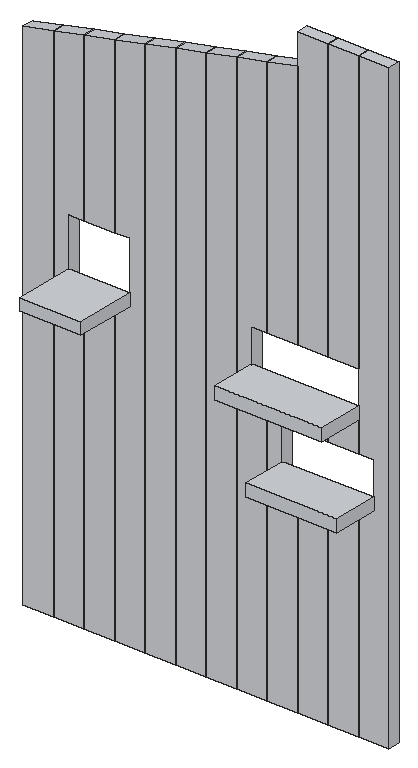
Revit family
Parameters
  v32 = if(dx32 = 1200 mm, 10 mm, v3)  # 300 mm
  v3 = 300 mm
  v22 = if(dx22 = 1200 mm, 10 mm, v2)  # 200 mm
  v2 = 200 mm
  v12 = if(dx12 = 1200 mm, 10 mm, v1)  # 350 mm
  v1 = 350 mm
  taglio = yes
  sx1 = 10 mm
  superficie = 0.00 m²
  scalo = no
  pt = 40 mm
  mdv12 = if(dv1 + av1 + 100 mm > dv2 + av2 + 100 mm, dv1 + av1 + 100 mm, dv2 + av2 + 100 mm)  # 1170 mm
  lpt = if(taglio, lp, 10 mm)  # 900 mm
  lp = 900 mm
  l = if(taglio, 1200 mm, 1200 mm + lpt)  # 1200 mm
  ip = 1700 mm
  h = 2000 mm
  e = if(ap2 < h, 100 mm, ap2 - h + 100 mm)  # 100 mm
  dx34 = if(and(lp > 1200 mm - dx33 - v3 - 50 mm, scalo, taglio), 1200 mm, dx33)  # 50 mm
  dx33 = if(1200 mm - dx3 - v3 < 50 mm, 1200 mm - v3 - 50 mm, dx3)  # 50 mm
  dx32 = if(and(ip < h - dv3 + 50 mm, ap2 > h - dv3 - av3 - 50 mm, lpt > 1200 mm - dx3 - v3 - 50 mm), 1200 mm, dx34)  # 50 mm
  dx3 = 50 mm
  dx24 = if(and(lp > dx23 - 50 mm, scalo, taglio), 1200 mm, dx23)  # 150 mm
  dx23 = if(1200 mm - dx2 - v2 < 50 mm, 1200 mm - v2 - 50 mm, dx2)  # 150 mm
  dx22 = if(and(ip < h - dv2 + 50 mm, ap2 > h - dv2 - av2 - 50 mm, lpt > dx2 - 50 mm), 1200 mm, dx24)  # 150 mm
  dx2 = 150 mm
  dx14 = if(and(lp > 1200 mm - dx13 - v1 - 50 mm, scalo, taglio), 1200 mm, dx13)  # 100 mm
  dx13 = if(1200 mm - dx1 - v1 < 50 mm, 1200 mm - v1 - 50 mm, dx1)  # 100 mm
  dx12 = if(and(ip < h - dv1 + 50 mm, ap2 > h - dv1 - av1 - 50 mm, lpt > 1200 mm - dx1 - v1 - 50 mm), 1200 mm, dx14)  # 100 mm
  dx1 = 100 mm
  dv31 = if(dv3 < mdv12, mdv12, dv3)  # 1170 mm
  dv3 = 460 mm
  dv2 = 800 mm
  dv1 = 920 mm
  costoEffe = (area / (1000 mm * 1000 mm)) * 100  # 222
  av3 = 150 mm
  av2 = 200 mm
  av1 = 150 mm
  area2 = if(scalo, (h - ip) * lpt, area1)  # 0.18 m²
  area1 = (((h - ip) + (h - ap)) * lpt) * 0.5  # 0.18 m²
  area = 1200 mm * 2000 mm - area2  # 2.22 m²
  apri = yes
  ap = 1900 mm
  ap1 = if(ip > ap, ip, ap)  # 1900 mm
  ap2 = if(scalo, ip, ap1)  # 1900 mm
  a3 = if(dx32 = 1200 mm, 90.00°, a)  # 1.00°
  a2 = if(dx22 = 1200 mm, 90.00°, a)  # 1.00°
  a1 = if(dx12 = 1200 mm, 90.00°, a)  # 1.00°
  a = if(apri, 1.00°, 89.00°)  # 1.00°
  0 = 0 mm
Reference planes
  plane 1 "Center (Front/Back)": y = 0
  plane 2: z = 0
  plane 3 "Center (Left/Right)": x = 0
  plane 4 "h": z = 2000
  plane 5: z = 2100
  plane 6 "lp": x = -300
  plane 7: x = -1200
  plane 8: z = 1700
  plane 9: z = 1900
  plane 10: y = -40
  plane 11 "h3": z = 0
  plane 12: z = 2000
  plane 13: z = 1080
  plane 14 "h10": z = 1080
  plane 15 "h11": z = 930
  plane 16 "v10": x = -450
  plane 17 "v11": x = -100
  plane 18: x = -1210
  plane 19: x = -1200
  plane 20: x = 10
  plane 21 "v20": x = -1050
  plane 22 "v21": x = -850
  plane 23 "h20": z = 1200
  plane 24 "h21": z = 1000
  plane 25 "h30": z = 830
  plane 26 "h31": z = 680
  plane 27 "v30": x = -350
  plane 28 "v31": x = -50
Forms (mm)
  Extrusion 1, solid
    sketch origin (1230.05, 0, 0) x (1, 0, 0) y (0, 0, 1)
      loop
        line (-1330.05, 2000) -> (-1330.05, 0) -> (-1230.05, 0) -> (-1230.05, 2000) -> (-1330.05, 2000)
    from 0 to 40
  Extrusion 2, solid
    sketch origin (1130.05, 0, 0) x (1, 0, 0) y (0, 0, 1)
      loop
        line (-1330.05, 2000) -> (-1330.05, 0) -> (-1230.05, 0) -> (-1230.05, 2000) -> (-1330.05, 2000)
    from 0 to 40
  Extrusion 3, solid
    sketch origin (1030.05, 0, 0) x (1, 0, 0) y (0, 0, 1)
      loop
        line (-1330.05, 2000) -> (-1330.05, 0) -> (-1230.05, 0) -> (-1230.05, 2000) -> (-1330.05, 2000)
    from 0 to 40
  Extrusion 4, solid
    sketch origin (930.05, 0, 0) x (1, 0, 0) y (0, 0, 1)
      loop
        line (-1330.05, 2000) -> (-1330.05, 0) -> (-1230.05, 0) -> (-1230.05, 2000) -> (-1330.05, 2000)
    from 0 to 40
  Extrusion 5, solid
    sketch origin (830.05, 0, 0) x (1, 0, 0) y (0, 0, 1)
      loop
        line (-1330.05, 2000) -> (-1330.05, 0) -> (-1230.05, 0) -> (-1230.05, 2000) -> (-1330.05, 2000)
    from 0 to 40
  Extrusion 6, solid
    sketch origin (730.05, 0, 0) x (1, 0, 0) y (0, 0, 1)
      loop
        line (-1330.05, 2000) -> (-1330.05, 0) -> (-1230.05, 0) -> (-1230.05, 2000) -> (-1330.05, 2000)
    from 0 to 40
  Extrusion 7, solid
    sketch origin (630.05, 0, 0) x (1, 0, 0) y (0, 0, 1)
      loop
        line (-1330.05, 2000) -> (-1330.05, 0) -> (-1230.05, 0) -> (-1230.05, 2000) -> (-1330.05, 2000)
    from 0 to 40
  Extrusion 8, solid
    sketch origin (530.05, 0, 0) x (1, 0, 0) y (0, 0, 1)
      loop
        line (-1330.05, 2000) -> (-1330.05, 0) -> (-1230.05, 0) -> (-1230.05, 2000) -> (-1330.05, 2000)
    from 0 to 40
  Extrusion 9, solid
    sketch origin (430.05, 0, 0) x (1, 0, 0) y (0, 0, 1)
      loop
        line (-1330.05, 2000) -> (-1330.05, 0) -> (-1230.05, 0) -> (-1230.05, 2000) -> (-1330.05, 2000)
    from 0 to 40
  Extrusion 10, solid
    sketch origin (330.05, 0, 0) x (1, 0, 0) y (0, 0, 1)
      loop
        line (-1330.05, 2000) -> (-1330.05, 0) -> (-1230.05, 0) -> (-1230.05, 2000) -> (-1330.05, 2000)
    from 0 to 40
  Extrusion 11, solid
    sketch origin (230.05, 0, 0) x (1, 0, 0) y (0, 0, 1)
      loop
        line (-1330.05, 2000) -> (-1330.05, 0) -> (-1230.05, 0) -> (-1230.05, 2000) -> (-1330.05, 2000)
    from 0 to 40
  Extrusion 12, solid
    sketch origin (130.05, 0, 0) x (1, 0, 0) y (0, 0, 1)
      loop
        line (-1330.05, 2000) -> (-1330.05, 0) -> (-1230.05, 0) -> (-1230.05, 2000) -> (-1330.05, 2000)
    from 0 to 40
  Extrusion 13, void
    sketch origin (0, 0, 0) x (1, 0, 0) y (0, 0, 1)
      loop
        line (-1200, 2100) -> (-1200, 1700) -> (-300, 1900) -> (-300, 2100) -> (-1200, 2100)
    from 0 to 40
  Extrusion 14, void
    sketch origin (0, 0, 0) x (1, 0, 0) y (0, 0, 1)
      loop
        line (-450, 1080) -> (-450, 930) -> (-100, 930) -> (-100, 1080) -> (-450, 1080)
    from 0 to 40 <- "pt"
  Extrusion 15, void
    sketch origin (0, 0, 0) x (1, 0, 0) y (0, 0, 1)
      loop
        line (-1210, 2000) -> (-1210, 0) -> (-1200, 0) -> (-1200, 2000) -> (-1210, 2000)
    from 0 to 40 <- "pt"
  Extrusion 16, solid
    sketch origin (-450, 0, 0) x (0, 0, 1) y (0, -1, 0)
      loop
        line (972.612, 189.279) -> (932.618, 189.977) -> (930, 40) -> (969.994, 39.302) -> (972.612, 189.279)
    from 0 to 350
  Extrusion 17, void
    sketch origin (0, 0, 0) x (1, 0, 0) y (0, 0, 1)
      loop
        line (0, 2000) -> (0, 0) -> (10, 0) -> (10, 2000) -> (0, 2000)
    from 0 to 40 <- "pt"
  Extrusion 18, void
    sketch origin (0, 0, 0) x (1, 0, 0) y (0, 0, 1)
      loop
        line (-1050, 1200) -> (-1050, 1000) -> (-850, 1000) -> (-850, 1200) -> (-1050, 1200)
    from 0 to 40 <- "pt"
  Extrusion 19, solid
    sketch origin (-1050, 0, 0) x (0, 0, 1) y (0, -1, 0)
      loop
        line (1043.484, 239.271) -> (1003.49, 239.97) -> (1000, 40) -> (1039.994, 39.302) -> (1043.484, 239.271)
    from 0 to 200
  Extrusion 20, void
    sketch origin (0, 0, 0) x (1, 0, 0) y (0, 0, 1)
      loop
        line (-350, 830) -> (-350, 680) -> (-50, 680) -> (-50, 830) -> (-350, 830)
    from 0 to 40 <- "pt"
  Extrusion 21, solid
    sketch origin (-350, 0, 0) x (0, 0, 1) y (0, -1, 0)
      loop
        line (722.612, 189.279) -> (682.618, 189.977) -> (680, 40) -> (719.994, 39.302) -> (722.612, 189.279)
    from 0 to 300
Cuts and joins
  Extrusion 13, Extrusion 14, Extrusion 18, Extrusion 20 cuts Extrusion 8
  Extrusion 13, Extrusion 14, Extrusion 18, Extrusion 20 cuts Extrusion 9
  Extrusion 13, Extrusion 14, Extrusion 18, Extrusion 20 cuts Extrusion 10
  Extrusion 13, Extrusion 14, Extrusion 18, Extrusion 20 cuts Extrusion 11
  Extrusion 13, Extrusion 14, Extrusion 15, Extrusion 18, Extrusion 20 cuts Extrusion 12
  Extrusion 13, Extrusion 14, Extrusion 18, Extrusion 20 cuts Extrusion 7
  Extrusion 13, Extrusion 14, Extrusion 18, Extrusion 20 cuts Extrusion 6
  Extrusion 13, Extrusion 14, Extrusion 18, Extrusion 20 cuts Extrusion 5
  Extrusion 13, Extrusion 14, Extrusion 18, Extrusion 20 cuts Extrusion 4
  Extrusion 13, Extrusion 14, Extrusion 18, Extrusion 20 cuts Extrusion 3
  Extrusion 13, Extrusion 14, Extrusion 18, Extrusion 20 cuts Extrusion 2
  Extrusion 13, Extrusion 14, Extrusion 17, Extrusion 18, Extrusion 20 cuts Extrusion 1
  Extrusion 15 cuts Extrusion 16
  Extrusion 17, Extrusion 20 cuts Extrusion 19
  Extrusion 15 cuts Extrusion 21
Lines and regions (mm)
  reference lines
    curve 1: line (-1200, 0, 1700) -> (-300, 0, 1900)
    curve 2: line (-100, -40, 930) -> (-100, -439.939, 936.981)
    curve 3: line (-1050, -40, 1000) -> (-1050, -339.954, 1005.236)
    curve 4: line (-350, -40, 680) -> (-350, -339.954, 685.236)
Dimensions and locks
  "h": plane 4 "h" to level
  "0": plane 8 to curve 1
  "0": plane 7 to curve 1
  "0": plane 6 "lp" to curve 1
  "0": plane 9 to curve 1
  "l": plane 3 "Center (Left/Right)" to plane 7
  "e": plane 5 to plane 4 "h"
  "ap2": plane 9 to level
  "ip": plane 8 to level
  "lpt": plane 6 "lp" to plane 7
  "pt": plane 10 to plane 1 "Center (Front/Back)"
  "dv1": plane 12 to plane 13
  "av1": plane 14 "h10" to plane 15 "h11"
  "v12": plane 17 "v11" to plane 16 "v10"
  "dx12": plane 3 "Center (Left/Right)" to plane 17 "v11"
  "0": curve 2 to plane 15 "h11"
  "0": plane 10 to curve 2
  locked: plane 19 to plane 3 "Center (Left/Right)" at 1200
  plane 18 to plane 19 = 10 mm  (x3)
  plane 19 to plane 18 = 10 mm
  "pt": Extrusion 16 sketch curve to Extrusion 16 sketch curve
  "av1": Extrusion 16 sketch curve to Extrusion 16 sketch curve
  "av2": plane 23 "h20" to plane 24 "h21"
  "v22": plane 22 "v21" to plane 21 "v20"
  "dv2": plane 12 to plane 23 "h20"
  "dx22": plane 21 "v20" to plane 19
  "0": curve 3 to plane 24 "h21"
  "0": plane 10 to curve 3
  "pt": Extrusion 19 sketch curve to Extrusion 19 sketch curve
  "av2": Extrusion 19 sketch curve to Extrusion 19 sketch curve
  "av3": plane 25 "h30" to plane 26 "h31"
  "v32": plane 28 "v31" to plane 27 "v30"
  "dx32": plane 3 "Center (Left/Right)" to plane 28 "v31"
  "dv31": plane 4 "h" to plane 25 "h30"
  "0": plane 10 to curve 4
  "0": curve 4 to plane 26 "h31"
  "pt": Extrusion 21 sketch curve to Extrusion 21 sketch curve
  "av3": Extrusion 21 sketch curve to Extrusion 21 sketch curve
  plane 20 to Extrusion 17 = 10 mm
  "a1": angle plane 15 "h11" to curve 2
  "a2": angle plane 24 "h21" to curve 3
  "a3": angle plane 26 "h31" to curve 4
  aligned and locked: plane 4 "h" to Extrusion 1
  aligned and locked: plane 3 "Center (Left/Right)" to Extrusion 1
  aligned and locked: Extrusion 13 sketch curve to plane 5
  aligned and locked: Extrusion 13 sketch curve to plane 6 "lp"
  aligned and locked: plane 7 to Extrusion 13 sketch curve
  aligned and locked: Extrusion 13 sketch curve to curve 1
  aligned and locked: cut or joined group of Extrusion 1, Extrusion 13, Extrusion 14, Extrusion 17, Extrusion 18, Extrusion 20 to plane 10
  aligned and locked: cut or joined group of Extrusion 2, Extrusion 13, Extrusion 14, Extrusion 18, Extrusion 20 to plane 10
  aligned and locked: cut or joined group of Extrusion 3, Extrusion 13, Extrusion 14, Extrusion 18, Extrusion 20 to plane 10
  aligned and locked: cut or joined group of Extrusion 4, Extrusion 13, Extrusion 14, Extrusion 18, Extrusion 20 to plane 10
  aligned and locked: cut or joined group of Extrusion 5, Extrusion 13, Extrusion 14, Extrusion 18, Extrusion 20 to plane 10
  aligned and locked: cut or joined group of Extrusion 6, Extrusion 13, Extrusion 14, Extrusion 18, Extrusion 20 to plane 10
  aligned and locked: cut or joined group of Extrusion 7, Extrusion 13, Extrusion 14, Extrusion 18, Extrusion 20 to plane 10
  aligned and locked: cut or joined group of Extrusion 8, Extrusion 13, Extrusion 14, Extrusion 18, Extrusion 20 to plane 10
  aligned and locked: cut or joined group of Extrusion 9, Extrusion 13, Extrusion 14, Extrusion 18, Extrusion 20 to plane 10
  aligned and locked: cut or joined group of Extrusion 10, Extrusion 13, Extrusion 14, Extrusion 18, Extrusion 20 to plane 10
  aligned and locked: cut or joined group of Extrusion 11, Extrusion 13, Extrusion 14, Extrusion 18, Extrusion 20 to plane 10
  aligned and locked: cut or joined group of Extrusion 12, Extrusion 13, Extrusion 14, Extrusion 15, Extrusion 18, Extrusion 20 to plane 10
  aligned and locked: Extrusion 13 to Extrusion 8
  aligned and locked: plane 4 "h" to plane 12
  aligned and locked: plane 13 to plane 14 "h10"
  aligned and locked: plane 16 "v10" to Extrusion 14 sketch curve
  aligned and locked: Extrusion 14 sketch curve to plane 14 "h10"
  aligned and locked: Extrusion 14 sketch curve to plane 17 "v11"
  aligned and locked: plane 15 "h11" to Extrusion 14 sketch curve
  aligned and locked: Extrusion 15 sketch curve to plane 12
  aligned and locked: Extrusion 15 sketch curve to plane 19
  aligned and locked: plane 11 "h3" to Extrusion 15 sketch curve
  aligned and locked: plane 18 to Extrusion 15 sketch curve
  aligned and locked: Extrusion 16 sketch curve to curve 2  (x2)
  aligned and locked: plane 17 "v11" to Extrusion 16
  aligned and locked: plane 3 "Center (Left/Right)" to Extrusion 17 sketch curve
  aligned and locked: Extrusion 17 sketch curve to plane 20
  aligned and locked: Extrusion 17 sketch curve to plane 12
  aligned and locked: plane 11 "h3" to Extrusion 17 sketch curve
  aligned and locked: plane 24 "h21" to Extrusion 18 sketch curve
  aligned and locked: Extrusion 18 sketch curve to plane 23 "h20"
  aligned and locked: plane 21 "v20" to Extrusion 18 sketch curve
  aligned and locked: Extrusion 18 sketch curve to plane 22 "v21"
  aligned and locked: Extrusion 19 sketch curve to curve 3  (x2)
  aligned and locked: plane 22 "v21" to Extrusion 19
  aligned and locked: Extrusion 20 sketch curve to plane 25 "h30"
  aligned and locked: plane 27 "v30" to Extrusion 20 sketch curve
  aligned and locked: Extrusion 20 sketch curve to plane 28 "v31"
  aligned and locked: plane 26 "h31" to Extrusion 20 sketch curve
  aligned and locked: Extrusion 21 sketch curve to curve 4  (x2)
  aligned and locked: plane 28 "v31" to Extrusion 21
Automatic sketch dimensions
  Extrusion 1 sketch curve to level = 0 mm
  Extrusion 1 sketch curve to plane 4 "h" = 0 mm
  Extrusion 1 sketch curve to plane 3 "Center (Left/Right)" = 0 mm
  Extrusion 1 sketch curve to plane 3 "Center (Left/Right)" = 100 mm
  Extrusion 2 sketch curve to level = 0 mm
  Extrusion 2 sketch curve to plane 4 "h" = 0 mm
  Extrusion 2 sketch curve to plane 3 "Center (Left/Right)" = 200 mm
  Extrusion 2 sketch curve to plane 3 "Center (Left/Right)" = 100 mm
  Extrusion 3 sketch curve to level = 0 mm
  Extrusion 3 sketch curve to plane 4 "h" = 0 mm
  Extrusion 3 sketch curve to plane 3 "Center (Left/Right)" = 300 mm
  Extrusion 3 sketch curve to Extrusion 3 sketch curve = 100 mm
  Extrusion 4 sketch curve to level = 0 mm
  Extrusion 4 sketch curve to plane 4 "h" = 0 mm
  Extrusion 4 sketch curve to plane 3 "Center (Left/Right)" = 400 mm
  Extrusion 4 sketch curve to Extrusion 4 sketch curve = 100 mm
  Extrusion 5 sketch curve to level = 0 mm
  Extrusion 5 sketch curve to plane 4 "h" = 0 mm
  Extrusion 5 sketch curve to plane 3 "Center (Left/Right)" = 500 mm
  Extrusion 5 sketch curve to Extrusion 5 sketch curve = 100 mm
  Extrusion 6 sketch curve to level = 0 mm
  Extrusion 6 sketch curve to plane 4 "h" = 0 mm
  Extrusion 6 sketch curve to plane 3 "Center (Left/Right)" = 600 mm
  Extrusion 6 sketch curve to Extrusion 6 sketch curve = 100 mm
  Extrusion 7 sketch curve to level = 0 mm
  Extrusion 7 sketch curve to plane 4 "h" = 0 mm
  Extrusion 7 sketch curve to plane 3 "Center (Left/Right)" = 700 mm
  Extrusion 7 sketch curve to Extrusion 7 sketch curve = 100 mm
  Extrusion 8 sketch curve to level = 0 mm
  Extrusion 8 sketch curve to plane 4 "h" = 0 mm
  Extrusion 8 sketch curve to plane 3 "Center (Left/Right)" = 800 mm
  Extrusion 8 sketch curve to Extrusion 8 sketch curve = 100 mm
  Extrusion 9 sketch curve to level = 0 mm
  Extrusion 9 sketch curve to plane 4 "h" = 0 mm
  Extrusion 9 sketch curve to plane 3 "Center (Left/Right)" = 900 mm
  Extrusion 9 sketch curve to Extrusion 9 sketch curve = 100 mm
  Extrusion 10 sketch curve to level = 0 mm
  Extrusion 10 sketch curve to plane 4 "h" = 0 mm
  Extrusion 10 sketch curve to plane 3 "Center (Left/Right)" = 1000 mm
  Extrusion 10 sketch curve to Extrusion 10 sketch curve = 100 mm
  Extrusion 11 sketch curve to level = 0 mm
  Extrusion 11 sketch curve to plane 4 "h" = 0 mm
  Extrusion 11 sketch curve to plane 3 "Center (Left/Right)" = 1100 mm
  Extrusion 11 sketch curve to Extrusion 11 sketch curve = 100 mm
  Extrusion 12 sketch curve to level = 0 mm
  Extrusion 12 sketch curve to plane 4 "h" = 0 mm
  Extrusion 12 sketch curve to plane 3 "Center (Left/Right)" = 1200 mm
  Extrusion 12 sketch curve to Extrusion 12 sketch curve = 100 mm
